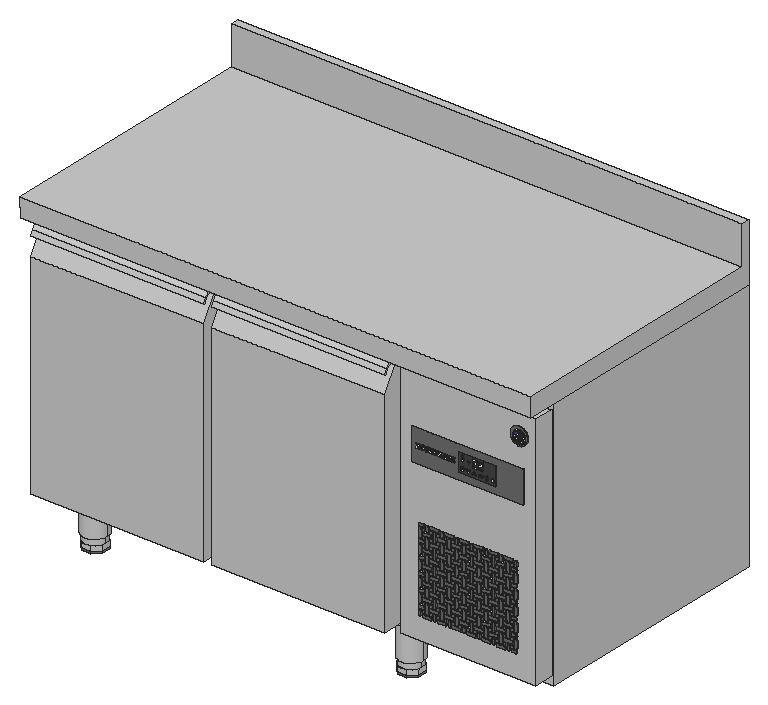
Revit family "QF_HOSHIZAKI_889000846", category Specialty Equipment, Revit 2016
Family settings
  Part Type = Normal
  Round Connector Dimension = Use Diameter
  OmniClass Number = 23.40.40.14
  OmniClass Title = Food Service Equipment
  Work Plane-Based = No
  Always vertical = Yes
  Cut with Voids When Loaded = No
  Shared = No
  Room Calculation Point = No
Parameters (values of type "889000846_230V/1Ph/50Hz")
  Weight = 95.00 kg
  Volts = 230 V
  URL Cutsheet = ""
  URL = "www.hoshizaki-europe.com"
  Status [instance] = ""
  Specification by User [instance] = ""
  Specification by Manufacturer [instance] = ""
  Serial Number = ""
  Seismic Rating = ""
  SMACNA No = ""
  Revision Code [instance] = ""
  Phase = 1
  Number of Poles = 2
  NAFEM Spec ID Number = ""
  Model = "ACR-130DG-LR-RRS-L2"
  Min Ckt Ampacity = 0 A
  Max Overcurrent Protection = 0 A
  Masterspec = ""
  Manufacturer = "HOSHIZAKI"
  Length Actual = 1314 mm
  Item Number [instance] = ""
  Installed By [instance] = ""
  Identify Quantity as Lot [instance] = no
  Height Actual = 900 mm
  HP power = ""
  Furnished By [instance] = ""
  Foodservice Equipment Identifier [instance] = yes
  FL Amps = 1.1 A
  Electric power = 160 W
  Electric Connection Type [instance] = ""
  Elec Conn RI Height [instance] = 0 mm
  Elec Conn Connection Height [instance] = 200 mm
  Description = "ADVANCE 2-SECTION 1/1 GN REFRIGERATED COUNTER WITH 2 DOORS AND A WORKTOP WITH 100 MM SPLASHBACK"
  Depth Actual = 700 mm
  Cycle = 50 Hz
  Cost = 0
  Conn Plug = ""
  Conn Conduit = no
  CSI MasterFormat = ""
  Assembly Code = "E1090320"
  Apparent Power = 160 VA
  Accessory = no
Reference planes
  plane 1 "Center (Front/Back)": y = 0
  plane 2: z = 0
  plane 3 "Center (Left/Right)": x = 0
Forms (mm)
  Extrusion 1, solid, not visible
    sketch origin (1199, -17, 349) x (1, 0, 0) y (0, 1, 0)
      loop
        line (0, 0) -> (2, 0) -> (2, 2) -> (0, 2) -> (0, 0)
    from 0 to 2
Dimensions and locks
  aligned and locked: level to plane 2
Nested families
  nested 1: "QF_HOSHIZAKI_889000846_230V_1Ph_50Hz" at (0, 0, 150), type "889000846_230V/1Ph/50Hz"
    with Show Logo yes, Length Actual 1314 mm, Height Actual 650 mm, Depth Actual 700 mm, Compressor offset 958 mm, Compressor location 1
  nested 2: "QF_HOSHIZAKI_ADVANCE_REF-COUNTER-WORKTOPS" at (0, 0, 800), type "760660204"
    with Worktop thickness 50 mm, Length Actual 1314 mm, Depth Actual 700 mm, Backsplash thickness 20 mm, Backsplash height 100 mm, Worktop without backsplash no, Worktop with backsplash yes
  nested 3: "QF_HOSHIZAKI_ADVANCE_REF-COUNTER-DOORS-DRAWERS" at (22, -700, 150), type "760660485-R"
    with Weight 0.00 kg, URL Cutsheet "", Status "", Specification by User "", Specification by Manufacturer "", Serial Number "", Seismic Rating "", Section size 446 mm, Section 2, SMACNA No "", Right hand hinged glass door no, Right hand hinged door yes, Revision Code "", NAFEM Spec ID Number "", Masterspec "", Length Actual 0 mm, Left hand hinged glass door no, Left hand hinged door no, Item Number "", Installed By "", Identify Quantity as Lot no, Height Actual 0 mm, Furnished By "", Foodservice Equipment Identifier no, Depth Actual 0 mm, CSI MasterFormat "", Accessory yes, 3 Drawers no, 2 Drawers 1-3 and 2-3 no, 2 Drawers no
  nested 4: "QF_HOSHIZAKI_ADVANCE_REF-COUNTER-DOORS-DRAWERS" at (488, -700, 150), type "760660485-R"
    with Weight 0.00 kg, URL Cutsheet "", Status "", Specification by User "", Specification by Manufacturer "", Serial Number "", Seismic Rating "", Section size 446 mm, Section 2, SMACNA No "", Right hand hinged glass door no, Right hand hinged door yes, Revision Code "", NAFEM Spec ID Number "", Masterspec "", Length Actual 0 mm, Left hand hinged glass door no, Left hand hinged door no, Item Number "", Installed By "", Identify Quantity as Lot no, Height Actual 0 mm, Furnished By "", Foodservice Equipment Identifier no, Depth Actual 0 mm, CSI MasterFormat "", Accessory yes, 3 Drawers no, 2 Drawers 1-3 and 2-3 no, 2 Drawers no
  nested 5: "QF_HOSHIZAKI_ADVANCE_REF-COUNTER-LEGS" at (0, 0, 0), type "760660118-5"
    with Weight 0.00 kg, URL Cutsheet "", Status "", Specification by User "", Specification by Manufacturer "", Serial Number "", Seismic Rating "", SMACNA No "", Revision Code "", NAFEM Spec ID Number "", Masterspec "", Length Actual 1314 mm, Legs inset right 430 mm, Legs inset rear 70 mm, Legs inset left 70 mm, Legs inset front 153 mm, Item Number "", Installed By "", Identify Quantity as Lot no, Height Actual 150 mm, Furnished By "", Foodservice Equipment Identifier no, Depth Actual 700 mm, Central Legs no, CSI MasterFormat "", Accessory yes
Connectors
  electrical at (1200, -15, 350), driven by "Apparent Power", driven by "Number of Poles", driven by "Volts"
    settings: on Extrusion 1, index 1, voltage 230 V, apparent load 0 VA, apparent load phase1 160 VA, apparent load phase2 0 VA, apparent load phase3 0 VA, power factor 1, load classification "Other", number of poles 2, system type 31, power factor state 1, is connector primary yes, connector utility no, sub classification motor no, connector description "Electric connection for '889000846'"
Definition of nested family "QF_HOSHIZAKI_889000846_230V_1Ph_50Hz"
  Parameters (values of type "889000846_230V/1Ph/50Hz")
    URL = "www.hoshizaki-europe.com"
    Show Logo [instance] = yes
    Model = "ACR-130DG-LR-RRS-L2"
    Manufacturer = "HOSHIZAKI"
    Length Actual [instance] = 1314 mm
    Height Actual [instance] = 650 mm
    Description = "ADVANCE 2-SECTION 1/1 GN REFRIGERATED COUNTER WITH 2 DOORS AND A WORKTOP WITH 100 MM SPLASHBACK"
    Depth Actual [instance] = 700 mm
    Compressor offset [instance] = if(Compressor location = 1, Length Actual - 356 mm, if(Compressor location = 2, 7 mm, Length Actual - 356 mm))  # 958 mm
    Compressor location [instance] = 1
    Author = "SPECIFI"
    Assembly Code = "E1090320"
  Types (60, lengths in mm): name | Model | Length Actual | Description | Compressor offset
    889000840 | "ACR-130DG-LR-RRC-L1" | 1314 | "ADVANCE 2-SECTION 1/1 GN REFRIGERATED COUNTER WITH 2 DOORS AND A FLAT WORKTOP" | 958
    889000848 | "ACR-130DG-22-RRC-L1" | 1314 | "ADVANCE 2-SECTION 1/1 GN REFRIGERATED COUNTER WITH 2 DRAWER SECTIONS EACH WITH 2 X 1/2 DRAWERS AND A FLAT WORKTOP" | 958
    889000856 | "ACR-130DG-32-RRC-L1" | 1314 | "ADVANCE 2-SECTION 1/1 GN REFRIGERATED COUNTER WITH 1 DRAWER SECTION WITH 3 X 1/3 DRAWERS, 1 DRAWER SECTION WITH 2 X 1/2 DRAWERS AND A FLAT WORKTOP" | 958
    889000844 | "ACR-130DG-LR-RRS-L1" | 1314 | "ADVANCE 2-SECTION 1/1 GN REFRIGERATED COUNTER WITH 2 DOORS AND A WORKTOP WITH 100 MM SPLASHBACK" | 958
    889000852 | "ACR-130DG-22-RRS-L1" | 1314 | "ADVANCE 2-SECTION 1/1 GN REFRIGERATED COUNTER WITH 2 DRAWER SECTIONS EACH WITH 2 X 1/2 DRAWERS AND A WORKTOP WITH 100 MM SPLASHBACK" | 958
    889000861 | "ACR-130DG-LR-RRC-C1-U" | 1314 | "ADVANCE 2-SECTION 1/1 GN REFRIGERATED COUNTER WITH 2 DOORS AND A FLAT WORKTOP" | 958
    889000869 | "ACR-130DG-22-RRC-C1-U" | 1314 | "ADVANCE 2-SECTION 1/1 GN REFRIGERATED COUNTER WITH 2 DRAWER SECTIONS EACH WITH 2 X 1/2 DRAWERS AND A FLAT WORKTOP" | 958
    889000877 | "ACR-130DG-32-RRC-C1-U" | 1314 | "ADVANCE 2-SECTION 1/1 GN REFRIGERATED COUNTER WITH 1 DRAWER SECTION WITH 3 X 1/3 DRAWERS, 1 DRAWER SECTION WITH 2 X 1/2 DRAWERS AND A FLAT WORKTOP" | 958
    889000865 | "ACR-130DG-LR-RRS-C1-U" | 1314 | "ADVANCE 2-SECTION 1/1 GN REFRIGERATED COUNTER WITH 2 DOORS AND A WORKTOP WITH 100 MM SPLASHBACK" | 958
    889000873 | "ACR-130DG-22-RRS-C1-U" | 1314 | "ADVANCE 2-SECTION 1/1 GN REFRIGERATED COUNTER WITH 2 DRAWER SECTIONS EACH WITH 2 X 1/2 DRAWERS AND A WORKTOP WITH 100 MM SPLASHBACK" | 958
    889000842 | "ACR-130DG-LR-RRC-L2" | 1314 | "ADVANCE 2-SECTION 1/1 GN REFRIGERATED COUNTER WITH 2 DOORS AND A FLAT WORKTOP" | 958
    889000850 | "ACR-130DG-22-RRC-L2" | 1314 | "ADVANCE 2-SECTION 1/1 GN REFRIGERATED COUNTER WITH 2 DRAWER SECTIONS EACH WITH 2 X 1/2 DRAWERS AND A FLAT WORKTOP" | 958
    889000858 | "ACR-130DG-32-RRC-L2" | 1314 | "ADVANCE 2-SECTION 1/1 GN REFRIGERATED COUNTER WITH 1 DRAWER SECTION WITH 3 X 1/3 DRAWERS, 1 DRAWER SECTION WITH 2 X 1/2 DRAWERS AND A FLAT WORKTOP" | 958
    889000846_230V/1Ph/50Hz | "ACR-130DG-LR-RRS-L2" | 1314 | "ADVANCE 2-SECTION 1/1 GN REFRIGERATED COUNTER WITH 2 DOORS AND A WORKTOP WITH 100 MM SPLASHBACK" | 958
    889000854 | "ACR-130DG-22-RRS-L2" | 1314 | "ADVANCE 2-SECTION 1/1 GN REFRIGERATED COUNTER WITH 2 DRAWER SECTIONS EACH WITH 2 X 1/2 DRAWERS AND A WORKTOP WITH 100 MM SPLASHBACK" | 958
    889000822 | "ACR-130DG-LR-CRC-L2" | 1314 | "ADVANCE 2-SECTION 1/1 GN REFRIGERATED COUNTER WITH 2 DOORS AND A FLAT WORKTOP" | 958
    889000830 | "ACR-130DG-22-CRC-L2" | 1314 | "ADVANCE 2-SECTION 1/1 GN REFRIGERATED COUNTER WITH 2 DRAWER SECTIONS EACH WITH 2 X 1/2 DRAWERS AND A FLAT WORKTOP" | 958
    889000838 | "ACR-130DG-32-CRC-L2" | 1314 | "ADVANCE 2-SECTION 1/1 GN REFRIGERATED COUNTER WITH 1 DRAWER SECTION WITH 3 X 1/3 DRAWERS, 1 DRAWER SECTION WITH 2 X 1/2 DRAWERS AND A FLAT WORKTOP" | 958
    889000826 | "ACR-130DG-LR-CRS-L2" | 1314 | "ADVANCE 2-SECTION 1/1 GN REFRIGERATED COUNTER WITH 2 DOORS AND A WORKTOP WITH 100 MM SPLASHBACK" | 958
    889000834 | "ACR-130DG-22-CRS-L2" | 1314 | "ADVANCE 2-SECTION 1/1 GN REFRIGERATED COUNTER WITH 2 DRAWER SECTIONS EACH WITH 2 X 1/2 DRAWERS AND A WORKTOP WITH 100 MM SPLASHBACK" | 958
    889020840 | "ACR-180DG-LRR-RRC-L1" | 1780 | "ADVANCE 3-SECTION 1/1 GN REFRIGERATED COUNTER WITH 3 DOORS AND A FLAT WORKTOP" | 1424
    889020848 | "ACR-180DG-222-RRC-L1" | 1780 | "ADVANCE 3-SECTION 1/1 GN REFRIGERATED COUNTER WITH 3 DRAWER SECTIONS EACH WITH 2 X 1/2 DRAWERS AND A FLAT WORKTOP" | 1424
    889020856 | "ACR-180DG-332-RRC-L1" | 1780 | "ADVANCE 3-SECTION 1/1 GN REFRIGERATED COUNTER WITH 2 DRAWER SECTIONS EACH WITH 3 X 1/3 DRAWERS, 1 DRAWER SECTION WITH 2 X 1/2 DRAWERS AND A FLAT WORKTOP" | 1424
    889020844 | "ACR-180DG-LRR-RRS-L1" | 1780 | "ADVANCE 3-SECTION 1/1 GN REFRIGERATED COUNTER WITH 3 DOORS AND A WORKTOP WITH 100 MM SPLASHBACK" | 1424
    889020852 | "ACR-180DG-222-RRS-L1" | 1780 | "ADVANCE 3-SECTION 1/1 GN REFRIGERATED COUNTER WITH 3 DRAWER SECTIONS EACH WITH 2 X 1/2 DRAWERS AND A WORKTOP WITH 100 MM SPLASHBACK" | 1424
    889020861 | "ACR-180DG-LRR-RRC-C1-U" | 1780 | "ADVANCE 3-SECTION 1/1 GN REFRIGERATED COUNTER WITH 3 DOORS AND A FLAT WORKTOP" | 1424
    889020869 | "ACR-180DG-222-RRC-C1-U" | 1780 | "ADVANCE 3-SECTION 1/1 GN REFRIGERATED COUNTER WITH 3 DRAWER SECTIONS EACH WITH 2 X 1/2 DRAWERS AND A FLAT WORKTOP" | 1424
    889020877 | "ACR-180DG-332-RRC-C1-U" | 1780 | "ADVANCE 3-SECTION 1/1 GN REFRIGERATED COUNTER WITH 2 DRAWER SECTIONS EACH WITH 3 X 1/3 DRAWERS, 1 DRAWER SECTION WITH 2 X 1/2 DRAWERS AND A FLAT WORKTOP" | 1424
    889020865 | "ACR-180DG-LRR-RRS-C1-U" | 1780 | "ADVANCE 3-SECTION 1/1 GN REFRIGERATED COUNTER WITH 3 DOORS AND A WORKTOP WITH 100 MM SPLASHBACK" | 1424
    889020873 | "ACR-180DG-222-RRS-C1-U" | 1780 | "ADVANCE 3-SECTION 1/1 GN REFRIGERATED COUNTER WITH 3 DRAWER SECTIONS EACH WITH 2 X 1/2 DRAWERS AND A WORKTOP WITH 100 MM SPLASHBACK" | 1424
    889020842 | "ACR-180DG-LRR-RRC-L2" | 1780 | "ADVANCE 3-SECTION 1/1 GN REFRIGERATED COUNTER WITH 3 DOORS AND A FLAT WORKTOP" | 1424
    889020850 | "ACR-180DG-222-RRC-L2" | 1780 | "ADVANCE 3-SECTION 1/1 GN REFRIGERATED COUNTER WITH 3 DRAWER SECTIONS EACH WITH 2 X 1/2 DRAWERS AND A FLAT WORKTOP" | 1424
    889020858 | "ACR-180DG-332-RRC-L2" | 1780 | "ADVANCE 3-SECTION 1/1 GN REFRIGERATED COUNTER WITH 2 DRAWER SECTIONS EACH WITH 3 X 1/3 DRAWERS, 1 DRAWER SECTION WITH 2 X 1/2 DRAWERS AND A FLAT WORKTOP" | 1424
    889020846 | "ACR-180DG-LRR-RRS-L2" | 1780 | "ADVANCE 3-SECTION 1/1 GN REFRIGERATED COUNTER WITH 3 DOORS AND A WORKTOP WITH 100 MM SPLASHBACK" | 1424
    889020854 | "ACR-180DG-222-RRS-L2" | 1780 | "ADVANCE 3-SECTION 1/1 GN REFRIGERATED COUNTER WITH 3 DRAWER SECTIONS EACH WITH 2 X 1/2 DRAWERS AND A WORKTOP WITH 100 MM SPLASHBACK" | 1424
    889020823 | "ACR-180DG-LRR-CRC-L2" | 1780 | "ADVANCE 3-SECTION 1/1 GN REFRIGERATED COUNTER WITH 3 DOORS AND A FLAT WORKTOP" | 1424
    889020830 | "ACR-180DG-222-CRC-L2" | 1780 | "ADVANCE 3-SECTION 1/1 GN REFRIGERATED COUNTER WITH 3 DRAWER SECTIONS EACH WITH 2 X 1/2 DRAWERS AND A FLAT WORKTOP" | 1424
    889020838 | "ACR-180DG-332-CRC-L2" | 1780 | "ADVANCE 3-SECTION 1/1 GN REFRIGERATED COUNTER WITH 2 DRAWER SECTIONS EACH WITH 3 X 1/3 DRAWERS, 1 DRAWER SECTION WITH 2 X 1/2 DRAWERS AND A FLAT WORKTOP" | 1424
    889020827 | "ACR-180DG-LRR-CRS-L2" | 1780 | "ADVANCE 3-SECTION 1/1 GN REFRIGERATED COUNTER WITH 3 DOORS AND A WORKTOP WITH 100 MM SPLASHBACK" | 1424
    889020834 | "ACR-180DG-222-CRS-L2" | 1780 | "ADVANCE 3-SECTION 1/1 GN REFRIGERATED COUNTER WITH 3 DRAWER SECTIONS EACH WITH 2 X 1/2 DRAWERS AND A WORKTOP WITH 100 MM SPLASHBACK" | 1424
    889040840 | "ACR-225DG-LLRR-RRC-L1" | 2246 | "ADVANCE 4-SECTION 1/1 GN REFRIGERATED COUNTER WITH 4 DOORS AND A FLAT WORKTOP" | 1890
    889040848 | "ACR-225DG-2222-RRC-L1" | 2246 | "ADVANCE 4-SECTION 1/1 GN REFRIGERATED COUNTER WITH 4 DRAWER SECTIONS EACH WITH 2 X 1/2 DRAWERS AND A FLAT WORKTOP" | 1890
    889040856 | "ACR-225DG-3332-RRC-L1" | 2246 | "ADVANCE 4-SECTION 1/1 GN REFRIGERATED COUNTER WITH 3 DRAWER SECTIONS EACH WITH 3 X 1/3 DRAWERS, 1 DRAWER SECTION WITH 2 X 1/2 DRAWERS AND A FLAT WORKTOP" | 1890
    889040844 | "ACR-225DG-LLRR-RRS-L1" | 2246 | "ADVANCE 4-SECTION 1/1 GN REFRIGERATED COUNTER WITH 4 DOORS AND A WORKTOP WITH 100 MM SPLASHBACK" | 1890
    889040852 | "ACR-225DG-2222-RRS-L1" | 2246 | "ADVANCE 4-SECTION 1/1 GN REFRIGERATED COUNTER WITH 4 DRAWER SECTIONS EACH WITH 2 X 1/2 DRAWERS AND A WORKTOP WITH 100 MM SPLASHBACK" | 1890
    889040861 | "ACR-225DG-LLRR-RRC-C1-U" | 2246 | "ADVANCE 4-SECTION 1/1 GN REFRIGERATED COUNTER WITH 4 DOORS AND A FLAT WORKTOP" | 1890
    889040869 | "ACR-225DG-2222-RRC-C1-U" | 2246 | "ADVANCE 4-SECTION 1/1 GN REFRIGERATED COUNTER WITH 4 DRAWER SECTIONS EACH WITH 2 X 1/2 DRAWERS AND A FLAT WORKTOP" | 1890
    889040877 | "ACR-225DG-3332-RRC-C1-U" | 2246 | "ADVANCE 4-SECTION 1/1 GN REFRIGERATED COUNTER WITH 3 DRAWER SECTIONS EACH WITH 3 X 1/3 DRAWERS, 1 DRAWER SECTION WITH 2 X 1/2 DRAWERS AND A FLAT WORKTOP" | 1890
    889040865 | "ACR-225DG-LLRR-RRS-C1-U" | 2246 | "ADVANCE 4-SECTION 1/1 GN REFRIGERATED COUNTER WITH 4 DOORS AND A WORKTOP WITH 100 MM SPLASHBACK" | 1890
    889040873 | "ACR-225DG-2222-RRS-C1-U" | 2246 | "ADVANCE 4-SECTION 1/1 GN REFRIGERATED COUNTER WITH 4 DRAWER SECTIONS EACH WITH 2 X 1/2 DRAWERS AND A WORKTOP WITH 100 MM SPLASHBACK" | 1890
    889040842 | "ACR-225DG-LLRR-RRC-L2" | 2246 | "ADVANCE 4-SECTION 1/1 GN REFRIGERATED COUNTER WITH 4 DOORS AND A FLAT WORKTOP" | 1890
    889040850 | "ACR-225DG-2222-RRC-L2" | 2246 | "ADVANCE 4-SECTION 1/1 GN REFRIGERATED COUNTER WITH 4 DRAWER SECTIONS EACH WITH 2 X 1/2 DRAWERS AND A FLAT WORKTOP" | 1890
    889040858 | "ACR-225DG-3332-RRC-L2" | 2246 | "ADVANCE 4-SECTION 1/1 GN REFRIGERATED COUNTER WITH 3 DRAWER SECTIONS EACH WITH 3 X 1/3 DRAWERS, 1 DRAWER SECTION WITH 2 X 1/2 DRAWERS AND A FLAT WORKTOP" | 1890
    889040846 | "ACR-225DG-LLRR-RRS-L2" | 2246 | "ADVANCE 4-SECTION 1/1 GN REFRIGERATED COUNTER WITH 4 DOORS AND A WORKTOP WITH 100 MM SPLASHBACK" | 1890
    889040854 | "ACR-225DG-2222-RRS-L2" | 2246 | "ADVANCE 4-SECTION 1/1 GN REFRIGERATED COUNTER WITH 4 DRAWER SECTIONS EACH WITH 2 X 1/2 DRAWERS AND A WORKTOP WITH 100 MM SPLASHBACK" | 1890
    889040822 | "ACR-225DG-LLRR-CRC-L2" | 2246 | "ADVANCE 4-SECTION 1/1 GN REFRIGERATED COUNTER WITH 4 DOORS AND A FLAT WORKTOP" | 1890
    889040830 | "ACR-225DG-2222-CRC-L2" | 2246 | "ADVANCE 4-SECTION 1/1 GN REFRIGERATED COUNTER WITH 4 DRAWER SECTIONS EACH WITH 2 X 1/2 DRAWERS AND A FLAT WORKTOP" | 1890
    889040838 | "ACR-225DG-3332-CRC-L2" | 2246 | "ADVANCE 4-SECTION 1/1 GN REFRIGERATED COUNTER WITH 3 DRAWER SECTIONS EACH WITH 3 X 1/3 DRAWERS, 1 DRAWER SECTION WITH 2 X 1/2 DRAWERS AND A FLAT WORKTOP" | 1890
    889040826 | "ACR-225DG-LLRR-CRS-L2" | 2246 | "ADVANCE 4-SECTION 1/1 GN REFRIGERATED COUNTER WITH 4 DOORS AND A WORKTOP WITH 100 MM SPLASHBACK" | 1890
    889040834 | "ACR-225DG-2222-CRS-L2" | 2246 | "ADVANCE 4-SECTION 1/1 GN REFRIGERATED COUNTER WITH 4 DRAWER SECTIONS EACH WITH 2 X 1/2 DRAWERS AND A WORKTOP WITH 100 MM SPLASHBACK" | 1890
  Reference planes
    plane 1 "Back": y = 0
    plane 2: z = 0
    plane 3 "Left": x = 0
    plane 4 "Right": x = 1314
    plane 5 "Front": y = -700
    plane 6 "Top": z = 650
    plane 7 "Front legs": y = -624.512
    plane 8 "Compressor dimension": x = 1314
    plane 9 "Compressor offset": x = 958
  Forms (mm)
    Extrusion 1, solid
      sketch origin (0, 0, 0) x (0, 1, 0) y (0, 0, 1)
        loop
          line (0, 650) -> (-624.512, 650) -> (-624.512, 0) -> (0, 0) -> (0, 650)
      from 0 to 1314
    Extrusion 2, solid
      sketch origin (958, 0, 0) x (0, -1, 0) y (0, 0, 1)
        loop
          line (624.512, 634) -> (624.512, 20) -> (674.54, 20) -> (674.54, 634) -> (624.512, 634)
      from 0 to -349
  Lines and regions (mm)
    symbolic lines
      curve 1: line (0, 0, 650) -> (1314, 0, 650)
      curve 2: line (0, -700, 650) -> (0, 0, 650)
      curve 3: line (1314, -700, 650) -> (0, -700, 650)
      curve 4: line (1314, 0, 650) -> (1314, -700, 650)
  Dimensions and locks
    "Length Actual": plane 3 "Left" to plane 4 "Right"
    "Depth Actual": plane 5 "Front" to plane 1 "Back"
    plane 7 "Front legs" to plane 5 "Front" = 75.488 mm
    "Compressor offset": plane 3 "Left" to plane 9 "Compressor offset"
    locked: plane 9 "Compressor offset" to plane 8 "Compressor dimension" at 356
    plane 6 "Top" to level = 650 mm
    aligned and locked: level to plane 2
    aligned and locked: plane 1 "Back" to Extrusion 1 sketch curve
    aligned and locked: plane 7 "Front legs" to Extrusion 1 sketch curve
    aligned and locked: Extrusion 1 to plane 4 "Right"
    aligned and locked: plane 7 "Front legs" to Extrusion 2 sketch curve
    aligned and locked: nested 1 to plane 5 "Front"
    aligned and locked: nested 1 to plane 9 "Compressor offset"
    aligned and locked: Extrusion 1 sketch curve to plane 6 "Top"
    aligned and locked: plane 2 to Extrusion 1 sketch curve
    aligned and locked: plane 1 "Back" to curve 1
    aligned and locked: plane 5 "Front" to curve 3
    aligned and locked: plane 4 "Right" to curve 4
    aligned and locked: plane 3 "Left" to curve 2
  Automatic sketch dimensions
    plane 5 "Front" to Extrusion 2 sketch curve = 25.46 mm
    level to Extrusion 2 sketch curve = 20 mm
    Extrusion 2 sketch curve to plane 6 "Top" = 16 mm
  Nested families
    nested 1: "Control-panel" at (958, -700, 0), Show Logo <- "Show Logo", type "Control-panel"
      with Show Logo yes
  Definition of nested family "Control-panel"
    Parameters (values of type "Control-panel")
      Show Logo [instance] = yes
    Reference planes
      plane 1 "Center (Front/Back)": y = 0
      plane 2: z = 0
      plane 3 "Center (Left/Right)": x = 0
      plane 4: z = 650
    Forms (mm)
      Extrusion 1, solid
        sketch origin (-3653, 19.5, -135) x (-1, 0, 0) y (0, 0, 1)
          loop
            arc (-3941, 426) -> (-3944.5, 422.5) -> (-3941, 419) r 3.5
            line (-3941, 419) -> (-3923, 419)
            arc (-3923, 419) -> (-3919.5, 422.5) -> (-3923, 426) r 3.5
            line (-3923, 426) -> (-3941, 426)
          loop
            arc (-3903, 426) -> (-3906.5, 422.5) -> (-3903, 419) r 3.5
            line (-3903, 419) -> (-3885, 419)
            arc (-3885, 419) -> (-3881.5, 422.5) -> (-3885, 426) r 3.5
            line (-3885, 426) -> (-3903, 426)
          loop
            arc (-3865, 426) -> (-3868.5, 422.5) -> (-3865, 419) r 3.5
            line (-3865, 419) -> (-3847, 419)
            arc (-3847, 419) -> (-3843.5, 422.5) -> (-3847, 426) r 3.5
            line (-3847, 426) -> (-3865, 426)
          loop
            arc (-3827, 426) -> (-3830.5, 422.5) -> (-3827, 419) r 3.5
            line (-3827, 419) -> (-3809, 419)
            arc (-3809, 419) -> (-3805.5, 422.5) -> (-3809, 426) r 3.5
            line (-3809, 426) -> (-3827, 426)
          loop
            arc (-3789, 426) -> (-3792.5, 422.5) -> (-3789, 419) r 3.5
            line (-3789, 419) -> (-3771, 419)
            arc (-3771, 419) -> (-3767.5, 422.5) -> (-3771, 426) r 3.5
            line (-3771, 426) -> (-3789, 426)
          loop
            arc (-3751, 426) -> (-3754.5, 422.5) -> (-3751, 419) r 3.5
            line (-3751, 419) -> (-3733, 419)
            arc (-3733, 419) -> (-3729.5, 422.5) -> (-3733, 426) r 3.5
            line (-3733, 426) -> (-3751, 426)
          loop
            arc (-3713, 426) -> (-3716.5, 422.5) -> (-3713, 419) r 3.5
            line (-3713, 419) -> (-3704, 419)
            arc (-3704, 419) -> (-3700.5, 422.5) -> (-3704, 426) r 3.5
            line (-3704, 426) -> (-3713, 426)
          loop
            arc (-3948, 422) -> (-3951, 425) -> (-3954, 422) r 3
            line (-3954, 422) -> (-3954, 413)
            arc (-3954, 413) -> (-3951, 410) -> (-3948, 413) r 3
            line (-3948, 413) -> (-3948, 422)
          loop
            line (-3938.025, 416.51) -> (-3945.025, 416.51) -> (-3945.025, 409.51) -> (-3938.025, 409.51) -> (-3938.025, 416.51)
          loop
            line (-3919.025, 416.51) -> (-3926.025, 416.51) -> (-3926.025, 409.51) -> (-3919.025, 409.51) -> (-3919.025, 416.51)
          loop
            arc (-3910, 422) -> (-3913, 425) -> (-3916, 422) r 3
            line (-3916, 422) -> (-3916, 413)
            arc (-3916, 413) -> (-3913, 410) -> (-3910, 413) r 3
            line (-3910, 413) -> (-3910, 422)
          loop
            line (-3900.025, 416.51) -> (-3907.025, 416.51) -> (-3907.025, 409.51) -> (-3900.025, 409.51) -> (-3900.025, 416.51)
          loop
            line (-3881.025, 416.51) -> (-3888.025, 416.51) -> (-3888.025, 409.51) -> (-3881.025, 409.51) -> (-3881.025, 416.51)
          loop
            arc (-3872, 422) -> (-3875, 425) -> (-3878, 422) r 3
            line (-3878, 422) -> (-3878, 413)
            arc (-3878, 413) -> (-3875, 410) -> (-3872, 413) r 3
            line (-3872, 413) -> (-3872, 422)
          loop
            line (-3862.025, 416.51) -> (-3869.025, 416.51) -> (-3869.025, 409.51) -> (-3862.025, 409.51) -> (-3862.025, 416.51)
          loop
            line (-3843.025, 416.51) -> (-3850.025, 416.51) -> (-3850.025, 409.51) -> (-3843.025, 409.51) -> (-3843.025, 416.51)
          loop
            arc (-3834, 422) -> (-3837, 425) -> (-3840, 422) r 3
            line (-3840, 422) -> (-3840, 413)
            arc (-3840, 413) -> (-3837, 410) -> (-3834, 413) r 3
            line (-3834, 413) -> (-3834, 422)
          loop
            line (-3824.025, 416.51) -> (-3831.025, 416.51) -> (-3831.025, 409.51) -> (-3824.025, 409.51) -> (-3824.025, 416.51)
          loop
            line (-3805.025, 416.51) -> (-3812.025, 416.51) -> (-3812.025, 409.51) -> (-3805.025, 409.51) -> (-3805.025, 416.51)
          loop
            arc (-3796, 422) -> (-3799, 425) -> (-3802, 422) r 3
            line (-3802, 422) -> (-3802, 413)
            arc (-3802, 413) -> (-3799, 410) -> (-3796, 413) r 3
            line (-3796, 413) -> (-3796, 422)
          loop
            line (-3786.025, 416.51) -> (-3793.025, 416.51) -> (-3793.025, 409.51) -> (-3786.025, 409.51) -> (-3786.025, 416.51)
          loop
            line (-3767.025, 416.51) -> (-3774.025, 416.51) -> (-3774.025, 409.51) -> (-3767.025, 409.51) -> (-3767.025, 416.51)
          loop
            arc (-3758, 422) -> (-3761, 425) -> (-3764, 422) r 3
            line (-3764, 422) -> (-3764, 413)
            arc (-3764, 413) -> (-3761, 410) -> (-3758, 413) r 3
            line (-3758, 413) -> (-3758, 422)
          loop
            line (-3748.025, 416.51) -> (-3755.025, 416.51) -> (-3755.025, 409.51) -> (-3748.025, 409.51) -> (-3748.025, 416.51)
          loop
            line (-3729.025, 416.51) -> (-3736.025, 416.51) -> (-3736.025, 409.51) -> (-3729.025, 409.51) -> (-3729.025, 416.51)
          loop
            arc (-3720, 422) -> (-3723, 425) -> (-3726, 422) r 3
            line (-3726, 422) -> (-3726, 413)
            arc (-3726, 413) -> (-3723, 410) -> (-3720, 413) r 3
            line (-3720, 413) -> (-3720, 422)
          loop
            line (-3710.025, 416.51) -> (-3717.025, 416.51) -> (-3717.025, 409.51) -> (-3710.025, 409.51) -> (-3710.025, 416.51)
          loop
            line (-3935.5, 412.5) -> (-3935.5, 394.5)
            arc (-3935.5, 394.5) -> (-3932, 391) -> (-3928.5, 394.5) r 3.5
            line (-3928.5, 394.5) -> (-3928.5, 412.5)
            arc (-3928.5, 412.5) -> (-3932, 416) -> (-3935.5, 412.5) r 3.5
          loop
            line (-3897.5, 412.5) -> (-3897.5, 394.5)
            arc (-3897.5, 394.5) -> (-3894, 391) -> (-3890.5, 394.5) r 3.5
            line (-3890.5, 394.5) -> (-3890.5, 412.5)
            arc (-3890.5, 412.5) -> (-3894, 416) -> (-3897.5, 412.5) r 3.5
          loop
            line (-3859.5, 412.5) -> (-3859.5, 394.5)
            arc (-3859.5, 394.5) -> (-3856, 391) -> (-3852.5, 394.5) r 3.5
            line (-3852.5, 394.5) -> (-3852.5, 412.5)
            arc (-3852.5, 412.5) -> (-3856, 416) -> (-3859.5, 412.5) r 3.5
          loop
            line (-3821.5, 412.5) -> (-3821.5, 394.5)
            arc (-3821.5, 394.5) -> (-3818, 391) -> (-3814.5, 394.5) r 3.5
            line (-3814.5, 394.5) -> (-3814.5, 412.5)
            arc (-3814.5, 412.5) -> (-3818, 416) -> (-3821.5, 412.5) r 3.5
          loop
            line (-3783.5, 412.5) -> (-3783.5, 394.5)
            arc (-3783.5, 394.5) -> (-3780, 391) -> (-3776.5, 394.5) r 3.5
            line (-3776.5, 394.5) -> (-3776.5, 412.5)
            arc (-3776.5, 412.5) -> (-3780, 416) -> (-3783.5, 412.5) r 3.5
          loop
            line (-3745.5, 412.5) -> (-3745.5, 394.5)
            arc (-3745.5, 394.5) -> (-3742, 391) -> (-3738.5, 394.5) r 3.5
            line (-3738.5, 394.5) -> (-3738.5, 412.5)
            arc (-3738.5, 412.5) -> (-3742, 416) -> (-3745.5, 412.5) r 3.5
          loop
            line (-3707.5, 412.5) -> (-3707.5, 394.5)
            arc (-3707.5, 394.5) -> (-3704, 391) -> (-3700.5, 394.5) r 3.5
            line (-3700.5, 394.5) -> (-3700.5, 412.5)
            arc (-3700.5, 412.5) -> (-3704, 416) -> (-3707.5, 412.5) r 3.5
          loop
            arc (-3922, 407) -> (-3925.5, 403.5) -> (-3922, 400) r 3.5
            line (-3922, 400) -> (-3904, 400)
            arc (-3904, 400) -> (-3900.5, 403.5) -> (-3904, 407) r 3.5
            line (-3904, 407) -> (-3922, 407)
          loop
            arc (-3884, 407) -> (-3887.5, 403.5) -> (-3884, 400) r 3.5
            line (-3884, 400) -> (-3866, 400)
            arc (-3866, 400) -> (-3862.5, 403.5) -> (-3866, 407) r 3.5
            line (-3866, 407) -> (-3884, 407)
          loop
            arc (-3846, 407) -> (-3849.5, 403.5) -> (-3846, 400) r 3.5
            line (-3846, 400) -> (-3828, 400)
            arc (-3828, 400) -> (-3824.5, 403.5) -> (-3828, 407) r 3.5
            line (-3828, 407) -> (-3846, 407)
          loop
            arc (-3808, 407) -> (-3811.5, 403.5) -> (-3808, 400) r 3.5
            line (-3808, 400) -> (-3790, 400)
            arc (-3790, 400) -> (-3786.5, 403.5) -> (-3790, 407) r 3.5
            line (-3790, 407) -> (-3808, 407)
          loop
            arc (-3770, 407) -> (-3773.5, 403.5) -> (-3770, 400) r 3.5
            line (-3770, 400) -> (-3752, 400)
            arc (-3752, 400) -> (-3748.5, 403.5) -> (-3752, 407) r 3.5
            line (-3752, 407) -> (-3770, 407)
          loop
            arc (-3732, 407) -> (-3735.5, 403.5) -> (-3732, 400) r 3.5
            line (-3732, 400) -> (-3714, 400)
            arc (-3714, 400) -> (-3710.5, 403.5) -> (-3714, 407) r 3.5
            line (-3714, 407) -> (-3732, 407)
          loop
            line (-3938.025, 390.49) -> (-3938.025, 397.49) -> (-3945.025, 397.49) -> (-3945.025, 390.49) -> (-3938.025, 390.49)
          loop
            line (-3919.025, 390.49) -> (-3919.025, 397.49) -> (-3926.025, 397.49) -> (-3926.025, 390.49) -> (-3919.025, 390.49)
          loop
            line (-3900.025, 390.49) -> (-3900.025, 397.49) -> (-3907.025, 397.49) -> (-3907.025, 390.49) -> (-3900.025, 390.49)
          loop
            line (-3881.025, 390.49) -> (-3881.025, 397.49) -> (-3888.025, 397.49) -> (-3888.025, 390.49) -> (-3881.025, 390.49)
          loop
            line (-3862.025, 390.49) -> (-3862.025, 397.49) -> (-3869.025, 397.49) -> (-3869.025, 390.49) -> (-3862.025, 390.49)
          loop
            line (-3843.025, 390.49) -> (-3843.025, 397.49) -> (-3850.025, 397.49) -> (-3850.025, 390.49) -> (-3843.025, 390.49)
          loop
            line (-3824.025, 390.49) -> (-3824.025, 397.49) -> (-3831.025, 397.49) -> (-3831.025, 390.49) -> (-3824.025, 390.49)
          loop
            line (-3805.025, 390.49) -> (-3805.025, 397.49) -> (-3812.025, 397.49) -> (-3812.025, 390.49) -> (-3805.025, 390.49)
          loop
            line (-3786.025, 390.49) -> (-3786.025, 397.49) -> (-3793.025, 397.49) -> (-3793.025, 390.49) -> (-3786.025, 390.49)
          loop
            line (-3767.025, 390.49) -> (-3767.025, 397.49) -> (-3774.025, 397.49) -> (-3774.025, 390.49) -> (-3767.025, 390.49)
          loop
            line (-3748.025, 390.49) -> (-3748.025, 397.49) -> (-3755.025, 397.49) -> (-3755.025, 390.49) -> (-3748.025, 390.49)
          loop
            line (-3729.025, 390.49) -> (-3729.025, 397.49) -> (-3736.025, 397.49) -> (-3736.025, 390.49) -> (-3729.025, 390.49)
          loop
            line (-3710.025, 390.49) -> (-3710.025, 397.49) -> (-3717.025, 397.49) -> (-3717.025, 390.49) -> (-3710.025, 390.49)
          loop
            arc (-3719.5, 393.5) -> (-3723, 397) -> (-3726.5, 393.5) r 3.5
            line (-3726.5, 393.5) -> (-3726.5, 375.5)
            arc (-3726.5, 375.5) -> (-3723, 372) -> (-3719.5, 375.5) r 3.5
            line (-3719.5, 375.5) -> (-3719.5, 393.5)
          loop
            arc (-3757.5, 393.5) -> (-3761, 397) -> (-3764.5, 393.5) r 3.5
            line (-3764.5, 393.5) -> (-3764.5, 375.5)
            arc (-3764.5, 375.5) -> (-3761, 372) -> (-3757.5, 375.5) r 3.5
            line (-3757.5, 375.5) -> (-3757.5, 393.5)
          loop
            arc (-3795.5, 393.5) -> (-3799, 397) -> (-3802.5, 393.5) r 3.5
            line (-3802.5, 393.5) -> (-3802.5, 375.5)
            arc (-3802.5, 375.5) -> (-3799, 372) -> (-3795.5, 375.5) r 3.5
            line (-3795.5, 375.5) -> (-3795.5, 393.5)
          loop
            arc (-3833.5, 393.5) -> (-3837, 397) -> (-3840.5, 393.5) r 3.5
            line (-3840.5, 393.5) -> (-3840.5, 375.5)
            arc (-3840.5, 375.5) -> (-3837, 372) -> (-3833.5, 375.5) r 3.5
            line (-3833.5, 375.5) -> (-3833.5, 393.5)
          loop
            arc (-3871.5, 393.5) -> (-3875, 397) -> (-3878.5, 393.5) r 3.5
            line (-3878.5, 393.5) -> (-3878.5, 375.5)
            arc (-3878.5, 375.5) -> (-3875, 372) -> (-3871.5, 375.5) r 3.5
            line (-3871.5, 375.5) -> (-3871.5, 393.5)
          loop
            arc (-3909.5, 393.5) -> (-3913, 397) -> (-3916.5, 393.5) r 3.5
            line (-3916.5, 393.5) -> (-3916.5, 375.5)
            arc (-3916.5, 375.5) -> (-3913, 372) -> (-3909.5, 375.5) r 3.5
            line (-3909.5, 375.5) -> (-3909.5, 393.5)
          loop
            arc (-3951, 406.5) -> (-3954, 403.5) -> (-3951, 400.5) r 3
            line (-3951, 400.5) -> (-3942, 400.5)
            arc (-3942, 400.5) -> (-3939, 403.5) -> (-3942, 406.5) r 3
            line (-3942, 406.5) -> (-3951, 406.5)
          loop
            arc (-3947.5, 393.5) -> (-3951, 397) -> (-3954.5, 393.5) r 3.5
            line (-3954.5, 393.5) -> (-3954.5, 375.5)
            arc (-3954.5, 375.5) -> (-3951, 372) -> (-3947.5, 375.5) r 3.5
            line (-3947.5, 375.5) -> (-3947.5, 393.5)
          loop
            arc (-3941, 388.51) -> (-3944.5, 385.01) -> (-3941, 381.51) r 3.5
            line (-3941, 381.51) -> (-3923, 381.51)
            arc (-3923, 381.51) -> (-3919.5, 385.01) -> (-3923, 388.51) r 3.5
            line (-3923, 388.51) -> (-3941, 388.51)
          loop
            arc (-3903, 388.51) -> (-3906.5, 385.01) -> (-3903, 381.51) r 3.5
            line (-3903, 381.51) -> (-3885, 381.51)
            arc (-3885, 381.51) -> (-3881.5, 385.01) -> (-3885, 388.51) r 3.5
            line (-3885, 388.51) -> (-3903, 388.51)
          loop
            arc (-3865, 388.51) -> (-3868.5, 385.01) -> (-3865, 381.51) r 3.5
            line (-3865, 381.51) -> (-3847, 381.51)
            arc (-3847, 381.51) -> (-3843.5, 385.01) -> (-3847, 388.51) r 3.5
            line (-3847, 388.51) -> (-3865, 388.51)
          loop
            arc (-3827, 388.51) -> (-3830.5, 385.01) -> (-3827, 381.51) r 3.5
            line (-3827, 381.51) -> (-3809, 381.51)
            arc (-3809, 381.51) -> (-3805.5, 385.01) -> (-3809, 388.51) r 3.5
            line (-3809, 388.51) -> (-3827, 388.51)
          loop
            arc (-3789, 388.51) -> (-3792.5, 385.01) -> (-3789, 381.51) r 3.5
            line (-3789, 381.51) -> (-3771, 381.51)
            arc (-3771, 381.51) -> (-3767.5, 385.01) -> (-3771, 388.51) r 3.5
            line (-3771, 388.51) -> (-3789, 388.51)
          loop
            arc (-3751, 388.51) -> (-3754.5, 385.01) -> (-3751, 381.51) r 3.5
            line (-3751, 381.51) -> (-3733, 381.51)
            arc (-3733, 381.51) -> (-3729.5, 385.01) -> (-3733, 388.51) r 3.5
            line (-3733, 388.51) -> (-3751, 388.51)
          loop
            arc (-3713, 388.51) -> (-3716.5, 385.01) -> (-3713, 381.51) r 3.5
            line (-3713, 381.51) -> (-3704, 381.51)
            arc (-3704, 381.51) -> (-3700.5, 385.01) -> (-3704, 388.51) r 3.5
            line (-3704, 388.51) -> (-3713, 388.51)
          loop
            line (-3938.025, 379.02) -> (-3945.025, 379.02) -> (-3945.025, 372.02) -> (-3938.025, 372.02) -> (-3938.025, 379.02)
          loop
            line (-3919.025, 379.02) -> (-3926.025, 379.02) -> (-3926.025, 372.02) -> (-3919.025, 372.02) -> (-3919.025, 379.02)
          loop
            line (-3900.025, 379.02) -> (-3907.025, 379.02) -> (-3907.025, 372.02) -> (-3900.025, 372.02) -> (-3900.025, 379.02)
          loop
            line (-3881.025, 379.02) -> (-3888.025, 379.02) -> (-3888.025, 372.02) -> (-3881.025, 372.02) -> (-3881.025, 379.02)
          loop
            line (-3862.025, 379.02) -> (-3869.025, 379.02) -> (-3869.025, 372.02) -> (-3862.025, 372.02) -> (-3862.025, 379.02)
          loop
            line (-3843.025, 379.02) -> (-3850.025, 379.02) -> (-3850.025, 372.02) -> (-3843.025, 372.02) -> (-3843.025, 379.02)
          loop
            line (-3824.025, 379.02) -> (-3831.025, 379.02) -> (-3831.025, 372.02) -> (-3824.025, 372.02) -> (-3824.025, 379.02)
          loop
            line (-3805.025, 379.02) -> (-3812.025, 379.02) -> (-3812.025, 372.02) -> (-3805.025, 372.02) -> (-3805.025, 379.02)
          loop
            line (-3786.025, 379.02) -> (-3793.025, 379.02) -> (-3793.025, 372.02) -> (-3786.025, 372.02) -> (-3786.025, 379.02)
          loop
            line (-3767.025, 379.02) -> (-3774.025, 379.02) -> (-3774.025, 372.02) -> (-3767.025, 372.02) -> (-3767.025, 379.02)
          loop
            line (-3748.025, 379.02) -> (-3755.025, 379.02) -> (-3755.025, 372.02) -> (-3748.025, 372.02) -> (-3748.025, 379.02)
          loop
            line (-3729.025, 379.02) -> (-3736.025, 379.02) -> (-3736.025, 372.02) -> (-3729.025, 372.02) -> (-3729.025, 379.02)
          loop
            line (-3710.025, 379.02) -> (-3717.025, 379.02) -> (-3717.025, 372.02) -> (-3710.025, 372.02) -> (-3710.025, 379.02)
          loop
            line (-3935.5, 375.01) -> (-3935.5, 357.01)
            arc (-3935.5, 357.01) -> (-3932, 353.51) -> (-3928.5, 357.01) r 3.5
            line (-3928.5, 357.01) -> (-3928.5, 375.01)
            arc (-3928.5, 375.01) -> (-3932, 378.51) -> (-3935.5, 375.01) r 3.5
          loop
            line (-3897.5, 375.01) -> (-3897.5, 357.01)
            arc (-3897.5, 357.01) -> (-3894, 353.51) -> (-3890.5, 357.01) r 3.5
            line (-3890.5, 357.01) -> (-3890.5, 375.01)
            arc (-3890.5, 375.01) -> (-3894, 378.51) -> (-3897.5, 375.01) r 3.5
          loop
            line (-3859.5, 375.01) -> (-3859.5, 357.01)
            arc (-3859.5, 357.01) -> (-3856, 353.51) -> (-3852.5, 357.01) r 3.5
            line (-3852.5, 357.01) -> (-3852.5, 375.01)
            arc (-3852.5, 375.01) -> (-3856, 378.51) -> (-3859.5, 375.01) r 3.5
          loop
            line (-3821.5, 375.01) -> (-3821.5, 357.01)
            arc (-3821.5, 357.01) -> (-3818, 353.51) -> (-3814.5, 357.01) r 3.5
            line (-3814.5, 357.01) -> (-3814.5, 375.01)
            arc (-3814.5, 375.01) -> (-3818, 378.51) -> (-3821.5, 375.01) r 3.5
          loop
            line (-3783.5, 375.01) -> (-3783.5, 357.01)
            arc (-3783.5, 357.01) -> (-3780, 353.51) -> (-3776.5, 357.01) r 3.5
            line (-3776.5, 357.01) -> (-3776.5, 375.01)
            arc (-3776.5, 375.01) -> (-3780, 378.51) -> (-3783.5, 375.01) r 3.5
          loop
            line (-3745.5, 375.01) -> (-3745.5, 357.01)
            arc (-3745.5, 357.01) -> (-3742, 353.51) -> (-3738.5, 357.01) r 3.5
            line (-3738.5, 357.01) -> (-3738.5, 375.01)
            arc (-3738.5, 375.01) -> (-3742, 378.51) -> (-3745.5, 375.01) r 3.5
          loop
            line (-3707.5, 375.01) -> (-3707.5, 357.01)
            arc (-3707.5, 357.01) -> (-3704, 353.51) -> (-3700.5, 357.01) r 3.5
            line (-3700.5, 357.01) -> (-3700.5, 375.01)
            arc (-3700.5, 375.01) -> (-3704, 378.51) -> (-3707.5, 375.01) r 3.5
          loop
            arc (-3922, 369.51) -> (-3925.5, 366.01) -> (-3922, 362.51) r 3.5
            line (-3922, 362.51) -> (-3904, 362.51)
            arc (-3904, 362.51) -> (-3900.5, 366.01) -> (-3904, 369.51) r 3.5
            line (-3904, 369.51) -> (-3922, 369.51)
          loop
            arc (-3884, 369.51) -> (-3887.5, 366.01) -> (-3884, 362.51) r 3.5
            line (-3884, 362.51) -> (-3866, 362.51)
            arc (-3866, 362.51) -> (-3862.5, 366.01) -> (-3866, 369.51) r 3.5
            line (-3866, 369.51) -> (-3884, 369.51)
          loop
            arc (-3846, 369.51) -> (-3849.5, 366.01) -> (-3846, 362.51) r 3.5
            line (-3846, 362.51) -> (-3828, 362.51)
            arc (-3828, 362.51) -> (-3824.5, 366.01) -> (-3828, 369.51) r 3.5
            line (-3828, 369.51) -> (-3846, 369.51)
          loop
            arc (-3808, 369.51) -> (-3811.5, 366.01) -> (-3808, 362.51) r 3.5
            line (-3808, 362.51) -> (-3790, 362.51)
            arc (-3790, 362.51) -> (-3786.5, 366.01) -> (-3790, 369.51) r 3.5
            line (-3790, 369.51) -> (-3808, 369.51)
          loop
            arc (-3770, 369.51) -> (-3773.5, 366.01) -> (-3770, 362.51) r 3.5
            line (-3770, 362.51) -> (-3752, 362.51)
            arc (-3752, 362.51) -> (-3748.5, 366.01) -> (-3752, 369.51) r 3.5
            line (-3752, 369.51) -> (-3770, 369.51)
          loop
            arc (-3732, 369.51) -> (-3735.5, 366.01) -> (-3732, 362.51) r 3.5
            line (-3732, 362.51) -> (-3714, 362.51)
            arc (-3714, 362.51) -> (-3710.5, 366.01) -> (-3714, 369.51) r 3.5
            line (-3714, 369.51) -> (-3732, 369.51)
          loop
            line (-3938.025, 353) -> (-3938.025, 360) -> (-3945.025, 360) -> (-3945.025, 353) -> (-3938.025, 353)
          loop
            line (-3919.025, 353) -> (-3919.025, 360) -> (-3926.025, 360) -> (-3926.025, 353) -> (-3919.025, 353)
          loop
            line (-3900.025, 353) -> (-3900.025, 360) -> (-3907.025, 360) -> (-3907.025, 353) -> (-3900.025, 353)
          loop
            line (-3881.025, 353) -> (-3881.025, 360) -> (-3888.025, 360) -> (-3888.025, 353) -> (-3881.025, 353)
          loop
            line (-3862.025, 353) -> (-3862.025, 360) -> (-3869.025, 360) -> (-3869.025, 353) -> (-3862.025, 353)
          loop
            line (-3843.025, 353) -> (-3843.025, 360) -> (-3850.025, 360) -> (-3850.025, 353) -> (-3843.025, 353)
          loop
            line (-3824.025, 353) -> (-3824.025, 360) -> (-3831.025, 360) -> (-3831.025, 353) -> (-3824.025, 353)
          loop
            line (-3805.025, 353) -> (-3805.025, 360) -> (-3812.025, 360) -> (-3812.025, 353) -> (-3805.025, 353)
          loop
            line (-3786.025, 353) -> (-3786.025, 360) -> (-3793.025, 360) -> (-3793.025, 353) -> (-3786.025, 353)
          loop
            line (-3767.025, 353) -> (-3767.025, 360) -> (-3774.025, 360) -> (-3774.025, 353) -> (-3767.025, 353)
          loop
            line (-3748.025, 353) -> (-3748.025, 360) -> (-3755.025, 360) -> (-3755.025, 353) -> (-3748.025, 353)
          loop
            line (-3729.025, 353) -> (-3729.025, 360) -> (-3736.025, 360) -> (-3736.025, 353) -> (-3729.025, 353)
          loop
            line (-3710.025, 353) -> (-3710.025, 360) -> (-3717.025, 360) -> (-3717.025, 353) -> (-3710.025, 353)
          loop
            arc (-3719.5, 356.01) -> (-3723, 359.51) -> (-3726.5, 356.01) r 3.5
            line (-3726.5, 356.01) -> (-3726.5, 338.01)
            arc (-3726.5, 338.01) -> (-3723, 334.51) -> (-3719.5, 338.01) r 3.5
            line (-3719.5, 338.01) -> (-3719.5, 356.01)
          loop
            arc (-3757.5, 356.01) -> (-3761, 359.51) -> (-3764.5, 356.01) r 3.5
            line (-3764.5, 356.01) -> (-3764.5, 338.01)
            arc (-3764.5, 338.01) -> (-3761, 334.51) -> (-3757.5, 338.01) r 3.5
            line (-3757.5, 338.01) -> (-3757.5, 356.01)
          loop
            arc (-3795.5, 356.01) -> (-3799, 359.51) -> (-3802.5, 356.01) r 3.5
            line (-3802.5, 356.01) -> (-3802.5, 338.01)
            arc (-3802.5, 338.01) -> (-3799, 334.51) -> (-3795.5, 338.01) r 3.5
            line (-3795.5, 338.01) -> (-3795.5, 356.01)
          loop
            arc (-3833.5, 356.01) -> (-3837, 359.51) -> (-3840.5, 356.01) r 3.5
            line (-3840.5, 356.01) -> (-3840.5, 338.01)
            arc (-3840.5, 338.01) -> (-3837, 334.51) -> (-3833.5, 338.01) r 3.5
            line (-3833.5, 338.01) -> (-3833.5, 356.01)
          loop
            arc (-3871.5, 356.01) -> (-3875, 359.51) -> (-3878.5, 356.01) r 3.5
            line (-3878.5, 356.01) -> (-3878.5, 338.01)
            arc (-3878.5, 338.01) -> (-3875, 334.51) -> (-3871.5, 338.01) r 3.5
            line (-3871.5, 338.01) -> (-3871.5, 356.01)
          loop
            arc (-3909.5, 356.01) -> (-3913, 359.51) -> (-3916.5, 356.01) r 3.5
            line (-3916.5, 356.01) -> (-3916.5, 338.01)
            arc (-3916.5, 338.01) -> (-3913, 334.51) -> (-3909.5, 338.01) r 3.5
            line (-3909.5, 338.01) -> (-3909.5, 356.01)
          loop
            arc (-3951, 369.01) -> (-3954, 366.01) -> (-3951, 363.01) r 3
            line (-3951, 363.01) -> (-3942, 363.01)
            arc (-3942, 363.01) -> (-3939, 366.01) -> (-3942, 369.01) r 3
            line (-3942, 369.01) -> (-3951, 369.01)
          loop
            arc (-3947.5, 356.01) -> (-3951, 359.51) -> (-3954.5, 356.01) r 3.5
            line (-3954.5, 356.01) -> (-3954.5, 338.01)
            arc (-3954.5, 338.01) -> (-3951, 334.51) -> (-3947.5, 338.01) r 3.5
            line (-3947.5, 338.01) -> (-3947.5, 356.01)
          loop
            arc (-3941, 350.486) -> (-3944.5, 346.986) -> (-3941, 343.486) r 3.5
            line (-3941, 343.486) -> (-3923, 343.486)
            arc (-3923, 343.486) -> (-3919.5, 346.986) -> (-3923, 350.486) r 3.5
            line (-3923, 350.486) -> (-3941, 350.486)
          loop
            arc (-3903, 350.486) -> (-3906.5, 346.986) -> (-3903, 343.486) r 3.5
            line (-3903, 343.486) -> (-3885, 343.486)
            arc (-3885, 343.486) -> (-3881.5, 346.986) -> (-3885, 350.486) r 3.5
            line (-3885, 350.486) -> (-3903, 350.486)
          loop
            arc (-3865, 350.486) -> (-3868.5, 346.986) -> (-3865, 343.486) r 3.5
            line (-3865, 343.486) -> (-3847, 343.486)
            arc (-3847, 343.486) -> (-3843.5, 346.986) -> (-3847, 350.486) r 3.5
            line (-3847, 350.486) -> (-3865, 350.486)
          loop
            arc (-3827, 350.486) -> (-3830.5, 346.986) -> (-3827, 343.486) r 3.5
            line (-3827, 343.486) -> (-3809, 343.486)
            arc (-3809, 343.486) -> (-3805.5, 346.986) -> (-3809, 350.486) r 3.5
            line (-3809, 350.486) -> (-3827, 350.486)
          loop
            arc (-3789, 350.486) -> (-3792.5, 346.986) -> (-3789, 343.486) r 3.5
            line (-3789, 343.486) -> (-3771, 343.486)
            arc (-3771, 343.486) -> (-3767.5, 346.986) -> (-3771, 350.486) r 3.5
            line (-3771, 350.486) -> (-3789, 350.486)
          loop
            arc (-3751, 350.486) -> (-3754.5, 346.986) -> (-3751, 343.486) r 3.5
            line (-3751, 343.486) -> (-3733, 343.486)
            arc (-3733, 343.486) -> (-3729.5, 346.986) -> (-3733, 350.486) r 3.5
            line (-3733, 350.486) -> (-3751, 350.486)
          loop
            arc (-3713, 350.486) -> (-3716.5, 346.986) -> (-3713, 343.486) r 3.5
            line (-3713, 343.486) -> (-3704, 343.486)
            arc (-3704, 343.486) -> (-3700.5, 346.986) -> (-3704, 350.486) r 3.5
            line (-3704, 350.486) -> (-3713, 350.486)
          loop
            line (-3938.025, 340.996) -> (-3945.025, 340.996) -> (-3945.025, 333.996) -> (-3938.025, 333.996) -> (-3938.025, 340.996)
          loop
            line (-3919.025, 340.996) -> (-3926.025, 340.996) -> (-3926.025, 333.996) -> (-3919.025, 333.996) -> (-3919.025, 340.996)
          loop
            line (-3900.025, 340.996) -> (-3907.025, 340.996) -> (-3907.025, 333.996) -> (-3900.025, 333.996) -> (-3900.025, 340.996)
          loop
            line (-3881.025, 340.996) -> (-3888.025, 340.996) -> (-3888.025, 333.996) -> (-3881.025, 333.996) -> (-3881.025, 340.996)
          loop
            line (-3862.025, 340.996) -> (-3869.025, 340.996) -> (-3869.025, 333.996) -> (-3862.025, 333.996) -> (-3862.025, 340.996)
          loop
            line (-3843.025, 340.996) -> (-3850.025, 340.996) -> (-3850.025, 333.996) -> (-3843.025, 333.996) -> (-3843.025, 340.996)
          loop
            line (-3824.025, 340.996) -> (-3831.025, 340.996) -> (-3831.025, 333.996) -> (-3824.025, 333.996) -> (-3824.025, 340.996)
          loop
            line (-3805.025, 340.996) -> (-3812.025, 340.996) -> (-3812.025, 333.996) -> (-3805.025, 333.996) -> (-3805.025, 340.996)
          loop
            line (-3786.025, 340.996) -> (-3793.025, 340.996) -> (-3793.025, 333.996) -> (-3786.025, 333.996) -> (-3786.025, 340.996)
          loop
            line (-3767.025, 340.996) -> (-3774.025, 340.996) -> (-3774.025, 333.996) -> (-3767.025, 333.996) -> (-3767.025, 340.996)
          loop
            line (-3748.025, 340.996) -> (-3755.025, 340.996) -> (-3755.025, 333.996) -> (-3748.025, 333.996) -> (-3748.025, 340.996)
          loop
            line (-3729.025, 340.996) -> (-3736.025, 340.996) -> (-3736.025, 333.996) -> (-3729.025, 333.996) -> (-3729.025, 340.996)
          loop
            line (-3710.025, 340.996) -> (-3717.025, 340.996) -> (-3717.025, 333.996) -> (-3710.025, 333.996) -> (-3710.025, 340.996)
          loop
            line (-3935.5, 336.986) -> (-3935.5, 318.986)
            arc (-3935.5, 318.986) -> (-3932, 315.486) -> (-3928.5, 318.986) r 3.5
            line (-3928.5, 318.986) -> (-3928.5, 336.986)
            arc (-3928.5, 336.986) -> (-3932, 340.486) -> (-3935.5, 336.986) r 3.5
          loop
            line (-3897.5, 336.986) -> (-3897.5, 318.986)
            arc (-3897.5, 318.986) -> (-3894, 315.486) -> (-3890.5, 318.986) r 3.5
            line (-3890.5, 318.986) -> (-3890.5, 336.986)
            arc (-3890.5, 336.986) -> (-3894, 340.486) -> (-3897.5, 336.986) r 3.5
          loop
            line (-3859.5, 336.986) -> (-3859.5, 318.986)
            arc (-3859.5, 318.986) -> (-3856, 315.486) -> (-3852.5, 318.986) r 3.5
            line (-3852.5, 318.986) -> (-3852.5, 336.986)
            arc (-3852.5, 336.986) -> (-3856, 340.486) -> (-3859.5, 336.986) r 3.5
          loop
            line (-3821.5, 336.986) -> (-3821.5, 318.986)
            arc (-3821.5, 318.986) -> (-3818, 315.486) -> (-3814.5, 318.986) r 3.5
            line (-3814.5, 318.986) -> (-3814.5, 336.986)
            arc (-3814.5, 336.986) -> (-3818, 340.486) -> (-3821.5, 336.986) r 3.5
          loop
            line (-3783.5, 336.986) -> (-3783.5, 318.986)
            arc (-3783.5, 318.986) -> (-3780, 315.486) -> (-3776.5, 318.986) r 3.5
            line (-3776.5, 318.986) -> (-3776.5, 336.986)
            arc (-3776.5, 336.986) -> (-3780, 340.486) -> (-3783.5, 336.986) r 3.5
          loop
            line (-3745.5, 336.986) -> (-3745.5, 318.986)
            arc (-3745.5, 318.986) -> (-3742, 315.486) -> (-3738.5, 318.986) r 3.5
            line (-3738.5, 318.986) -> (-3738.5, 336.986)
            arc (-3738.5, 336.986) -> (-3742, 340.486) -> (-3745.5, 336.986) r 3.5
          loop
            line (-3707.5, 336.986) -> (-3707.5, 318.986)
            arc (-3707.5, 318.986) -> (-3704, 315.486) -> (-3700.5, 318.986) r 3.5
            line (-3700.5, 318.986) -> (-3700.5, 336.986)
            arc (-3700.5, 336.986) -> (-3704, 340.486) -> (-3707.5, 336.986) r 3.5
          loop
            arc (-3922, 331.486) -> (-3925.5, 327.986) -> (-3922, 324.486) r 3.5
            line (-3922, 324.486) -> (-3904, 324.486)
            arc (-3904, 324.486) -> (-3900.5, 327.986) -> (-3904, 331.486) r 3.5
            line (-3904, 331.486) -> (-3922, 331.486)
          loop
            arc (-3884, 331.486) -> (-3887.5, 327.986) -> (-3884, 324.486) r 3.5
            line (-3884, 324.486) -> (-3866, 324.486)
            arc (-3866, 324.486) -> (-3862.5, 327.986) -> (-3866, 331.486) r 3.5
            line (-3866, 331.486) -> (-3884, 331.486)
          loop
            arc (-3846, 331.486) -> (-3849.5, 327.986) -> (-3846, 324.486) r 3.5
            line (-3846, 324.486) -> (-3828, 324.486)
            arc (-3828, 324.486) -> (-3824.5, 327.986) -> (-3828, 331.486) r 3.5
            line (-3828, 331.486) -> (-3846, 331.486)
          loop
            arc (-3808, 331.486) -> (-3811.5, 327.986) -> (-3808, 324.486) r 3.5
            line (-3808, 324.486) -> (-3790, 324.486)
            arc (-3790, 324.486) -> (-3786.5, 327.986) -> (-3790, 331.486) r 3.5
            line (-3790, 331.486) -> (-3808, 331.486)
          loop
            arc (-3770, 331.486) -> (-3773.5, 327.986) -> (-3770, 324.486) r 3.5
            line (-3770, 324.486) -> (-3752, 324.486)
            arc (-3752, 324.486) -> (-3748.5, 327.986) -> (-3752, 331.486) r 3.5
            line (-3752, 331.486) -> (-3770, 331.486)
          loop
            arc (-3732, 331.486) -> (-3735.5, 327.986) -> (-3732, 324.486) r 3.5
            line (-3732, 324.486) -> (-3714, 324.486)
            arc (-3714, 324.486) -> (-3710.5, 327.986) -> (-3714, 331.486) r 3.5
            line (-3714, 331.486) -> (-3732, 331.486)
          loop
            line (-3938.025, 314.976) -> (-3938.025, 321.976) -> (-3945.025, 321.976) -> (-3945.025, 314.976) -> (-3938.025, 314.976)
          loop
            line (-3919.025, 314.976) -> (-3919.025, 321.976) -> (-3926.025, 321.976) -> (-3926.025, 314.976) -> (-3919.025, 314.976)
          loop
            line (-3900.025, 314.976) -> (-3900.025, 321.976) -> (-3907.025, 321.976) -> (-3907.025, 314.976) -> (-3900.025, 314.976)
          loop
            line (-3881.025, 314.976) -> (-3881.025, 321.976) -> (-3888.025, 321.976) -> (-3888.025, 314.976) -> (-3881.025, 314.976)
          loop
            line (-3862.025, 314.976) -> (-3862.025, 321.976) -> (-3869.025, 321.976) -> (-3869.025, 314.976) -> (-3862.025, 314.976)
          loop
            line (-3843.025, 314.976) -> (-3843.025, 321.976) -> (-3850.025, 321.976) -> (-3850.025, 314.976) -> (-3843.025, 314.976)
          loop
            line (-3824.025, 314.976) -> (-3824.025, 321.976) -> (-3831.025, 321.976) -> (-3831.025, 314.976) -> (-3824.025, 314.976)
          loop
            line (-3805.025, 314.976) -> (-3805.025, 321.976) -> (-3812.025, 321.976) -> (-3812.025, 314.976) -> (-3805.025, 314.976)
          loop
            line (-3786.025, 314.976) -> (-3786.025, 321.976) -> (-3793.025, 321.976) -> (-3793.025, 314.976) -> (-3786.025, 314.976)
          loop
            line (-3767.025, 314.976) -> (-3767.025, 321.976) -> (-3774.025, 321.976) -> (-3774.025, 314.976) -> (-3767.025, 314.976)
          loop
            line (-3748.025, 314.976) -> (-3748.025, 321.976) -> (-3755.025, 321.976) -> (-3755.025, 314.976) -> (-3748.025, 314.976)
          loop
            line (-3729.025, 314.976) -> (-3729.025, 321.976) -> (-3736.025, 321.976) -> (-3736.025, 314.976) -> (-3729.025, 314.976)
          loop
            line (-3710.025, 314.976) -> (-3710.025, 321.976) -> (-3717.025, 321.976) -> (-3717.025, 314.976) -> (-3710.025, 314.976)
          loop
            arc (-3719.5, 317.986) -> (-3723, 321.486) -> (-3726.5, 317.986) r 3.5
            line (-3726.5, 317.986) -> (-3726.5, 299.986)
            arc (-3726.5, 299.986) -> (-3723, 296.486) -> (-3719.5, 299.986) r 3.5
            line (-3719.5, 299.986) -> (-3719.5, 317.986)
          loop
            arc (-3757.5, 317.986) -> (-3761, 321.486) -> (-3764.5, 317.986) r 3.5
            line (-3764.5, 317.986) -> (-3764.5, 299.986)
            arc (-3764.5, 299.986) -> (-3761, 296.486) -> (-3757.5, 299.986) r 3.5
            line (-3757.5, 299.986) -> (-3757.5, 317.986)
          loop
            arc (-3795.5, 317.986) -> (-3799, 321.486) -> (-3802.5, 317.986) r 3.5
            line (-3802.5, 317.986) -> (-3802.5, 299.986)
            arc (-3802.5, 299.986) -> (-3799, 296.486) -> (-3795.5, 299.986) r 3.5
            line (-3795.5, 299.986) -> (-3795.5, 317.986)
          loop
            arc (-3833.5, 317.986) -> (-3837, 321.486) -> (-3840.5, 317.986) r 3.5
            line (-3840.5, 317.986) -> (-3840.5, 299.986)
            arc (-3840.5, 299.986) -> (-3837, 296.486) -> (-3833.5, 299.986) r 3.5
            line (-3833.5, 299.986) -> (-3833.5, 317.986)
          loop
            arc (-3871.5, 317.986) -> (-3875, 321.486) -> (-3878.5, 317.986) r 3.5
            line (-3878.5, 317.986) -> (-3878.5, 299.986)
            arc (-3878.5, 299.986) -> (-3875, 296.486) -> (-3871.5, 299.986) r 3.5
            line (-3871.5, 299.986) -> (-3871.5, 317.986)
          loop
            arc (-3909.5, 317.986) -> (-3913, 321.486) -> (-3916.5, 317.986) r 3.5
            line (-3916.5, 317.986) -> (-3916.5, 299.986)
            arc (-3916.5, 299.986) -> (-3913, 296.486) -> (-3909.5, 299.986) r 3.5
            line (-3909.5, 299.986) -> (-3909.5, 317.986)
          loop
            arc (-3951, 330.986) -> (-3954, 327.986) -> (-3951, 324.986) r 3
            line (-3951, 324.986) -> (-3942, 324.986)
            arc (-3942, 324.986) -> (-3939, 327.986) -> (-3942, 330.986) r 3
            line (-3942, 330.986) -> (-3951, 330.986)
          loop
            arc (-3947.5, 317.986) -> (-3951, 321.486) -> (-3954.5, 317.986) r 3.5
